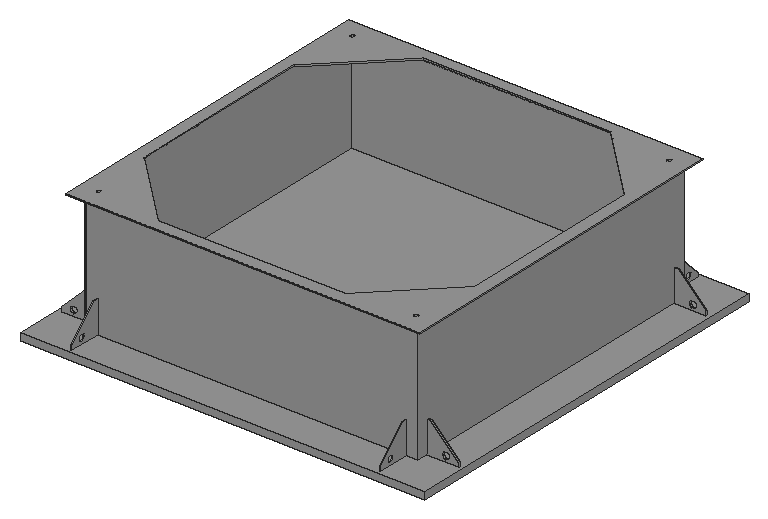
Revit family "SM-AF", category Duct Accessories, Revit 2021
Family settings
  Round Connector Dimension = Use Diameter
  Part Type = Attaches To
  Work Plane-Based = No
  Always vertical = Yes
  Cut with Voids When Loaded = No
  Shared = No
Parameters (values of type "SM-AF-0010-1000/1120")
  Фаска = D / 4  # 351.25 mm
  Width = C  # 1710 mm
  Weight = 112.00 kg
  Load Classification = "HVAC"
  Length = Width  # 1710 mm
  Height = 550 mm  # constant formula
  Default Elevation = 0 mm
  D2 = 1270 mm
  Corner = Dy - 100 mm  # 1300 mm
  Manufacturer = "BLAUBERG"  # constant formula
  URL = ""
  Maintenance zone material = none
  Dy = 1400 mm
  D = Dy + 5 mm  # 1405 mm
  Casing Material = Metal, painted, grey, matt RAL 7040
  C = 1710 mm
  B = 1498 mm
  A = 1340 mm
  09_System_Name [instance] = ""
  00_20_Type = "SM-AF-0010-1000/1120"
  00_20_Name = "Mounting curb"  # constant formula
  00_20_Manufacturer = "BLAUBERG"  # constant formula
Types (9, lengths in mm): name | Фаска | Width | Weight | Length | Corner | Dy | D | C | B | A | 00_20_Type
  (no name) | 351.25 | 1710 | 112.00 kg | 1710 | 1300 | 1400 | 1405 | 1710 | 1498 | 1340 | "SM-AF-0010-1000/1120"
  SM-AF-0010-315/355 | 126.25 | 800 | 43.50 kg | 800 | 400 | 500 | 505 | 800 | 590 | 480 | "SM-AF-0010-315/355"
  SM-AF-0010-400/450 | 151.25 | 900 | 51.50 kg | 900 | 500 | 600 | 605 | 900 | 692 | 580 | "SM-AF-0010-400/450"
  SM-AF-0010-500 | 168.75 | 970 | 56.00 kg | 970 | 570 | 670 | 675 | 970 | 760 | 640 | "SM-AF-0010-500"
  SM-AF-0010-560/630 | 208.75 | 1120 | 66.50 kg | 1120 | 730 | 830 | 835 | 1120 | 910 | 750 | "SM-AF-0010-560/630"
  SM-AF-0010-710/800 | 263.75 | 1350 | 83.00 kg | 1350 | 950 | 1050 | 1055 | 1350 | 1140 | 980 | "SM-AF-0010-710/800"
  SM-AF-0010-900 | 276.25 | 1420 | 88.50 kg | 1420 | 1000 | 1100 | 1105 | 1420 | 1208 | 1050 | "SM-AF-0010-900"
  SM-AF-0010-1000/1120 | 351.25 | 1710 | 112.00 kg | 1710 | 1300 | 1400 | 1405 | 1710 | 1498 | 1340 | "SM-AF-0010-1000/1120"
  SM-AF-0010-1250 | 401.25 | 1900 | 151.00 kg | 1900 | 1500 | 1600 | 1605 | 1900 | 1688 | 1500 | "SM-AF-0010-1250"
Reference planes
  plane 1 "По центру (Вперед/Назад)": y = 0
  plane 2: z = 0
  plane 3 "По центру (Влево/Вправо)": x = 0
  plane 4: y = 670
  plane 5: y = -670
  plane 6: x = -670
  plane 7: x = 670
Forms (mm)
  Extrusion 1, solid, material "Metal, painted, grey, matt RAL 7040" <- "Casing Material"
    sketch origin (0, 0, 0) x (1, 0, 0) y (0, 1, 0)
      loop
        line (-855, 855) -> (-855, -855) -> (855, -855) -> (855, 855) -> (-855, 855)
      loop
        line (-700, 700) -> (-700, -700) -> (700, -700) -> (700, 700) -> (-700, 700)
    from 0 to 30
  Extrusion 2, solid, material "Metal, painted, grey, matt RAL 7040" <- "Casing Material"
    sketch origin (0, 0, 0) x (1, 0, 0) y (0, 1, 0)
      loop
        line (-702.5, 702.5) -> (-702.5, -702.5) -> (702.5, -702.5) -> (702.5, 702.5) -> (-702.5, 702.5)
      loop
        line (-700, 700) -> (-700, -700) -> (700, -700) -> (700, 700) -> (-700, 700)
    from 30 to 545
  Extrusion 3, solid, material "Metal, painted, grey, matt RAL 7040" <- "Casing Material"
    sketch origin (0, 0, 0) x (1, 0, 0) y (0, 1, 0)
      loop
        line (-749, 749) -> (-749, -749) -> (749, -749) -> (749, 749) -> (-749, 749)
      loop
        line (-397.75, 700) -> (-700, 397.75) -> (-700, -397.75) -> (-397.75, -700) -> (397.75, -700) -> (700, -397.75) -> (700, 397.75) -> (397.75, 700) -> (-397.75, 700)
      loop
        circle (-670, 670) r 8
      loop
        circle (670, 670) r 8
      loop
        circle (670, -670) r 8
      loop
        circle (-670, -670) r 8
    from 545 to 550
  Extrusion 4, solid, material "Metal, painted, grey, matt RAL 7040" <- "Casing Material"
    sketch origin (0, 0, 0) x (1, 0, 0) y (0, 0, 1)
      loop
        line (-837.5, 30) -> (-702.5, 30) -> (-702.5, 165) -> (-719.567, 165) -> (-837.5, 47.067) -> (-837.5, 30)
      loop
        circle (-787.5, 55) r 15
    from 650 to 655
  Extrusion 5, solid, material "Metal, painted, grey, matt RAL 7040" <- "Casing Material"
    sketch origin (0, 0, 0) x (1, 0, 0) y (0, 0, -1)
      loop
        line (-837.5, -30) -> (-837.5, -47.067) -> (-719.567, -165) -> (-702.5, -165) -> (-702.5, -30) -> (-837.5, -30)
      loop
        circle (-787.5, -55) r 15
    from 650 to 655
  Extrusion 6, solid, material "Metal, painted, grey, matt RAL 7040" <- "Casing Material"
    sketch origin (0, 0, 0) x (-1, 0, 0) y (0, 0, -1)
      loop
        line (-837.5, -30) -> (-837.5, -47.067) -> (-719.567, -165) -> (-702.5, -165) -> (-702.5, -30) -> (-837.5, -30)
      loop
        circle (-787.5, -55) r 15
    from 650 to 655
  Extrusion 7, solid, material "Metal, painted, grey, matt RAL 7040" <- "Casing Material"
    sketch origin (0, 0, 0) x (-1, 0, 0) y (0, 0, 1)
      loop
        line (-837.5, 30) -> (-702.5, 30) -> (-702.5, 165) -> (-719.567, 165) -> (-837.5, 47.067) -> (-837.5, 30)
      loop
        circle (-787.5, 55) r 15
    from 650 to 655
  Extrusion 8, solid, material "Metal, painted, grey, matt RAL 7040" <- "Casing Material"
    sketch origin (-349.138, 0, 0) x (0, -1, 0) y (0, 0, -1)
      loop
        line (-837.5, -30) -> (-837.5, -47.067) -> (-719.567, -165) -> (-702.5, -165) -> (-702.5, -30) -> (-837.5, -30)
      loop
        circle (-787.5, -55) r 15
    from -305.862 to -300.862
  Extrusion 9, solid, material "Metal, painted, grey, matt RAL 7040" <- "Casing Material"
    sketch origin (-69.138, 0, 0) x (0, -1, 0) y (0, 0, -1)
      loop
        line (-837.5, -30) -> (-837.5, -47.067) -> (-719.567, -165) -> (-702.5, -165) -> (-702.5, -30) -> (-837.5, -30)
      loop
        circle (-787.5, -55) r 15
    from 719.138 to 724.138
  Extrusion 10, solid, material "Metal, painted, grey, matt RAL 7040" <- "Casing Material"
    sketch origin (-349.138, 0, 0) x (0, 1, 0) y (0, 0, 1)
      loop
        line (-837.5, 30) -> (-702.5, 30) -> (-702.5, 165) -> (-719.567, 165) -> (-837.5, 47.067) -> (-837.5, 30)
      loop
        circle (-787.5, 55) r 15
    from -305.862 to -300.862
  Extrusion 11, solid, material "Metal, painted, grey, matt RAL 7040" <- "Casing Material"
    sketch origin (-69.138, 0, 0) x (0, 1, 0) y (0, 0, 1)
      loop
        line (-837.5, 30) -> (-702.5, 30) -> (-702.5, 165) -> (-719.567, 165) -> (-837.5, 47.067) -> (-837.5, 30)
      loop
        circle (-787.5, 55) r 15
    from 719.138 to 724.138
  Extrusion 12, solid, material "Metal, painted, grey, matt RAL 7040" <- "Casing Material"
    sketch origin (0, 0, 0) x (1, 0, 0) y (0, 1, 0)
      loop
        line (-700, 700) -> (-700, -700) -> (700, -700) -> (700, 700) -> (-700, 700)
    from 100 to 105
Dimensions and locks
  equal spacing: Extrusion 1 sketch curve, plane 3 "По центру (Влево/Вправо)", Extrusion 1 sketch curve  (x2)
  "C": Extrusion 1 sketch curve to Extrusion 1 sketch curve  (x2)
  equal spacing: Extrusion 1 sketch curve, plane 1 "По центру (Вперед/Назад)", Extrusion 1 sketch curve  (x2)
  equal spacing: Extrusion 2 sketch curve, plane 3 "По центру (Влево/Вправо)", Extrusion 2 sketch curve  (x2)
  equal spacing: Extrusion 2 sketch curve, plane 1 "По центру (Вперед/Назад)", Extrusion 2 sketch curve  (x2)
  "D": Extrusion 2 sketch curve to Extrusion 2 sketch curve  (x2)
  "Dy": Extrusion 2 sketch curve to Extrusion 2 sketch curve  (x2)
  "Dy": Extrusion 1 sketch curve to Extrusion 1 sketch curve  (x2)
  equal spacing: Extrusion 3 sketch curve, plane 1 "По центру (Вперед/Назад)", Extrusion 3 sketch curve
  "B": Extrusion 3 sketch curve to Extrusion 3 sketch curve  (x2)
  equal spacing: Extrusion 3 sketch curve, plane 3 "По центру (Влево/Вправо)", Extrusion 3 sketch curve
  "Фаска": Extrusion 3 sketch curve to Extrusion 3 sketch curve  (x8)
  equal spacing: plane 4, plane 1 "По центру (Вперед/Назад)", plane 5
  "A": plane 4 to plane 5
  equal spacing: plane 6, plane 3 "По центру (Влево/Вправо)", plane 7
  "A": plane 6 to plane 7
  equal spacing: Extrusion 4, plane 1 "По центру (Вперед/Назад)", Extrusion 5
  locked: Extrusion 5 to Extrusion 5 at 5
  locked: Extrusion 4 to Extrusion 4 at 5
  "Corner": Extrusion 4 to Extrusion 5
  "Corner": Extrusion 6 to Extrusion 7
  locked: Extrusion 7 to Extrusion 7 at 5
  locked: Extrusion 6 to Extrusion 6 at 5
  equal spacing: Extrusion 6, plane 1 "По центру (Вперед/Назад)", Extrusion 7
  locked: Extrusion 8 to Extrusion 8 at 5
  locked: Extrusion 9 to Extrusion 9 at 5
  equal spacing: Extrusion 8, plane 3 "По центру (Влево/Вправо)", Extrusion 9
  "Corner": Extrusion 8 to Extrusion 9
  locked: Extrusion 10 to Extrusion 10 at 5
  locked: Extrusion 11 to Extrusion 11 at 5
  "Corner": Extrusion 10 to Extrusion 11
  equal spacing: Extrusion 10, plane 3 "По центру (Влево/Вправо)", Extrusion 11
  equal spacing: Extrusion 12 sketch curve, plane 3 "По центру (Влево/Вправо)", Extrusion 12 sketch curve
  "Dy": Extrusion 12 sketch curve to Extrusion 12 sketch curve  (x2)
  equal spacing: Extrusion 12 sketch curve, plane 1 "По центру (Вперед/Назад)", Extrusion 12 sketch curve
  aligned and locked: level to plane 2
  aligned and locked: Extrusion 1 to Extrusion 3 sketch curve  (x4)
  aligned and locked: Extrusion 4 sketch curve to Extrusion 1
  aligned and locked: Extrusion 4 sketch curve to Extrusion 2
  aligned and locked: Extrusion 5 to Extrusion 2
  aligned and locked: Extrusion 5 to Extrusion 1
  aligned and locked: Extrusion 6 to Extrusion 2
  aligned and locked: Extrusion 6 to Extrusion 1
  aligned and locked: Extrusion 7 to Extrusion 1
  aligned and locked: Extrusion 7 to Extrusion 2
  aligned and locked: Extrusion 8 to Extrusion 2
  aligned and locked: Extrusion 8 to Extrusion 1
  aligned and locked: Extrusion 9 to Extrusion 1
  aligned and locked: Extrusion 9 to Extrusion 2
  aligned and locked: Extrusion 10 to Extrusion 2
  aligned and locked: Extrusion 10 to Extrusion 1
  aligned and locked: Extrusion 11 to Extrusion 1
  aligned and locked: Extrusion 11 to Extrusion 2
Automatic sketch dimensions
  Extrusion 3 sketch curve to plane 5 = 0 mm  (x2)
  Extrusion 3 sketch curve to plane 6 = 0 mm  (x2)
  Extrusion 3 sketch curve to plane 4 = 0 mm  (x2)
  Extrusion 3 sketch curve to plane 7 = 0 mm  (x2)
  Extrusion 4 sketch curve to Extrusion 4 sketch curve = 17.067 mm  (x2)
  Extrusion 4 sketch curve to Extrusion 4 sketch curve = 85 mm
  Extrusion 4 sketch curve to Extrusion 4 sketch curve = 50 mm
  Extrusion 4 sketch curve to Extrusion 4 sketch curve = 7.933 mm
  Extrusion 4 sketch curve to Extrusion 4 sketch curve = 135 mm
  level to Extrusion 5 sketch curve = 30 mm
  Extrusion 5 sketch curve to plane 3 "По центру (Влево/Вправо)" = 837.5 mm
  Extrusion 5 sketch curve to Extrusion 5 sketch curve = 50 mm
  level to Extrusion 5 sketch curve = 165 mm
  Extrusion 5 sketch curve to Extrusion 5 sketch curve = 67.933 mm
  Extrusion 5 sketch curve to Extrusion 5 sketch curve = 85 mm
  level to Extrusion 5 sketch curve = 55 mm
  Extrusion 5 sketch curve to Extrusion 5 sketch curve = 17.067 mm
  level to Extrusion 6 sketch curve = 30 mm
  plane 3 "По центру (Влево/Вправо)" to Extrusion 6 sketch curve = 837.5 mm
  Extrusion 6 sketch curve to Extrusion 6 sketch curve = 50 mm
  level to Extrusion 6 sketch curve = 165 mm
  Extrusion 6 sketch curve to Extrusion 6 sketch curve = 67.933 mm
  Extrusion 6 sketch curve to Extrusion 6 sketch curve = 85 mm
  level to Extrusion 6 sketch curve = 55 mm
  Extrusion 6 sketch curve to Extrusion 6 sketch curve = 17.067 mm
  level to Extrusion 7 sketch curve = 30 mm
  plane 3 "По центру (Влево/Вправо)" to Extrusion 7 sketch curve = 837.5 mm
  Extrusion 7 sketch curve to Extrusion 7 sketch curve = 50 mm
  level to Extrusion 7 sketch curve = 165 mm
  Extrusion 7 sketch curve to Extrusion 7 sketch curve = 67.933 mm
  Extrusion 7 sketch curve to Extrusion 7 sketch curve = 85 mm
  Extrusion 7 sketch curve to Extrusion 7 sketch curve = 17.067 mm
  Extrusion 7 sketch curve to Extrusion 7 sketch curve = 7.933 mm
  level to Extrusion 8 sketch curve = 30 mm
  Extrusion 8 sketch curve to plane 1 "По центру (Вперед/Назад)" = 837.5 mm
  Extrusion 8 sketch curve to Extrusion 8 sketch curve = 50 mm
  level to Extrusion 8 sketch curve = 165 mm
  Extrusion 8 sketch curve to Extrusion 8 sketch curve = 67.933 mm
  Extrusion 8 sketch curve to Extrusion 8 sketch curve = 85 mm
  level to Extrusion 8 sketch curve = 55 mm
  Extrusion 8 sketch curve to Extrusion 8 sketch curve = 17.067 mm
  level to Extrusion 9 sketch curve = 30 mm
  Extrusion 9 sketch curve to plane 1 "По центру (Вперед/Назад)" = 837.5 mm
  Extrusion 9 sketch curve to Extrusion 9 sketch curve = 50 mm
  level to Extrusion 9 sketch curve = 165 mm
  Extrusion 9 sketch curve to Extrusion 9 sketch curve = 67.933 mm
  Extrusion 9 sketch curve to Extrusion 9 sketch curve = 85 mm
  level to Extrusion 9 sketch curve = 55 mm
  Extrusion 9 sketch curve to Extrusion 9 sketch curve = 17.067 mm
  level to Extrusion 10 sketch curve = 30 mm
  plane 1 "По центру (Вперед/Назад)" to Extrusion 10 sketch curve = 837.5 mm
  Extrusion 10 sketch curve to Extrusion 10 sketch curve = 50 mm
  level to Extrusion 10 sketch curve = 165 mm
  Extrusion 10 sketch curve to Extrusion 10 sketch curve = 67.933 mm
  Extrusion 10 sketch curve to Extrusion 10 sketch curve = 85 mm
  Extrusion 10 sketch curve to Extrusion 10 sketch curve = 17.067 mm
  Extrusion 10 sketch curve to Extrusion 10 sketch curve = 7.933 mm
  level to Extrusion 11 sketch curve = 30 mm
  plane 1 "По центру (Вперед/Назад)" to Extrusion 11 sketch curve = 837.5 mm
  Extrusion 11 sketch curve to Extrusion 11 sketch curve = 50 mm
  level to Extrusion 11 sketch curve = 165 mm
  Extrusion 11 sketch curve to Extrusion 11 sketch curve = 67.933 mm
  Extrusion 11 sketch curve to Extrusion 11 sketch curve = 85 mm
  Extrusion 11 sketch curve to Extrusion 11 sketch curve = 17.067 mm
  Extrusion 11 sketch curve to Extrusion 11 sketch curve = 7.933 mm
  radius of Extrusion 3 sketch curve = 8 mm  (x4)
  radius of Extrusion 4 sketch curve = 15 mm
  radius of Extrusion 5 sketch curve = 15 mm
  radius of Extrusion 6 sketch curve = 15 mm
  radius of Extrusion 7 sketch curve = 15 mm
  radius of Extrusion 8 sketch curve = 15 mm
  radius of Extrusion 9 sketch curve = 15 mm
  radius of Extrusion 10 sketch curve = 15 mm
  radius of Extrusion 11 sketch curve = 15 mm
Connectors
  hvac at (0, 0, 0), driven by "Dy", driven by "Dy"
    settings: on Extrusion 1, index 1, duct flow 0.0 L/s, flow factor 0, pres drop 0.0 Pa, loss coef 0, conn angle 0.00°, conn width 1400 mm, conn height 1400 mm, conn diameter 609.6 mm, duct sys type 1, conn prof type 1, flow config 0, flow direction 0, loss method 0, conn ref index -1, conn util no, is conn primary yes, conn desc ""
